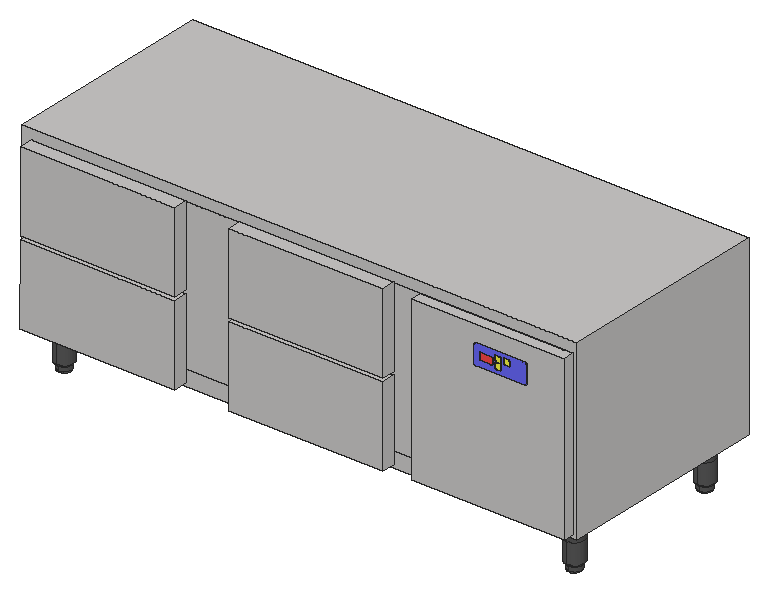
Revit family "QF_CAPIC_AVEN_W543116", category Equipement spécialisé, Revit 2018
Family settings
  Cote de connecteur circulaire = Utiliser le diamètre
  Type d'élément = Normal
  Numéro OmniClass = 23.40.40.14
  Titre OmniClass = Food Service Equipment
  Basée sur le plan de construction = Non
  Toujours verticalement = Oui
  Couper avec des vides une fois chargée = Non
  Partagée = Non
  Point de calcul de pièce = Non
Parameters (values of type "1600 mm")
  URL catalogue = "http://www.capic-fr.com/fr/"
  Type de Raccord Plomberie [instance] = ""
  Type de Raccord Electrique [instance] = "Bornier interne"
  Type de Gaz = ""
  Type article [instance] = ""
  Tension = 230 V
  Spécification du Fabricant = ""
  Show Logo = yes
  Remarques evacuation [instance] = ""
  Remarques Plomberie [instance] = ""
  Remarques Electricité [instance] = "230Vx1 +T"
  Puissance électrique  = 740 W
  Puissance Gaz kW = 0
  Profondeur hors tout = 648 mm
  Pression Maximum Eau Adoucie = 0.0 Pa
  Poids net à vide = 126.00 kg
  Phase = 0
  Modèle = "W543116"
  Longueur hors tout = 1600 mm
  Intensité nominale = 0 A
  Hauteur hors tout = 638 mm
  Hauteur de Raccordement du Sol Finis = 0 mm
  Hauteur de Raccordement Gaz du Sol Finis = 0 mm
  Hauteur de Raccordement Evacuation Directe du Sol Finis = 0 mm
  Hauteur de Raccordement Eau Froide du Sol Finis = 0 mm
  Hauteur de Raccordement Eau Chaude du Sol Finis = 0 mm
  Hauteur de Raccordement Eau Adoucie du Sol Finis = 0 mm
  Fréquence = 50 Hz
  Fabricant = "CAPIC"
  Débit d'air d'extraction = 0.0 m³/h
  Débit Gaz = 0.0 L/s
  Débit Eau Froide = 0.0 L/s
  Débit Eau Chaude = 0.0 L/s
  Débit Eau Adoucie = 0.0 L/s
  Diamètre de Raccordement Gaz = 0 mm
  Diamètre de Raccordement Evacuation = 0 mm
  Diamètre de Raccordement Eau Froide = 0 mm
  Diamètre de Raccordement Eau Chaude = 0 mm
  Diamètre de Raccordement Eau Adoucie = 0 mm
  Description = "4 tiroirs refrigérés"
  Assembly Code = ""
  Classification  Omniclass nombre et titre = "23.40.40.14"
Reference planes
  plane 1 "Centre (avant/arrière)": y = 0
  plane 2: z = 0
  plane 3 "Centre (gauche/droite)": x = 0
  plane 4: x = 1600
  plane 5: y = -662
  plane 6: y = -45
  plane 7: x = 25
  plane 8: x = 1575
  plane 9: y = -69
  plane 10: y = -539
  plane 11: x = 35
  plane 12: x = 1565
Forms (mm)
  Extrusion 1, solid, material "QF_Stainless Steel-Brushed"
    sketch origin (0, 0, 0) x (1, 0, 0) y (0, 1, 0)
      loop
        line (0, -45) -> (0, -662) -> (1600, -662) -> (1600, -45) -> (0, -45)
    from 130 to 638
  Extrusion 2, void
    sketch origin (0, 0, 0) x (1, 0, 0) y (0, 1, 0)
      loop
        line (35, -69) -> (35, -662) -> (1565, -662) -> (1565, -69) -> (35, -69)
    from 175 to 608
  Extrusion 3, solid, material "QF_Stainless Steel-Brushed", not visible
    sketch origin (0, 0, 0) x (1, 0, 0) y (0, 1, 0)
      loop
        line (35, -69) -> (35, -662) -> (1565, -662) -> (1565, -69) -> (35, -69)
    from 370 to 400
  Extrusion 4, solid, material "QF_Stainless Steel-Brushed"
    sketch origin (1480, -663, 0) x (1, 0, 0) y (0, 0, 1)
      loop
        line (-1445, 608) -> (-1445, 175) -> (85, 175) -> (85, 608) -> (-1445, 608)
    from 0 to -1
  Extrusion 5, solid, material "QF_Stainless Steel-Brushed"
    sketch origin (1480, -663, 0) x (1, 0, 0) y (0, 0, 1)
      loop
        line (-330, 607.544) -> (-330, 139.544) -> (110, 139.544) -> (110, 607.544) -> (-330, 607.544)
    from 0 to 30
  Extrusion 6, solid, material "QF_Stainless Steel-Brushed"
    sketch origin (1415.16, -663, 39.444) x (1, 0, 0) y (0, 0, 1)
      loop
        line (-1385.66, 570.1) -> (-1385.66, 340.1) -> (-940.66, 340.1) -> (-940.66, 570.1) -> (-1385.66, 570.1)
    from 0 to 40
  Extrusion 7, solid, material "QF_Stainless Steel-Brushed"
    sketch origin (1415.16, -663, -200.556) x (1, 0, 0) y (0, 0, 1)
      loop
        line (-1385.66, 570.1) -> (-1385.66, 340.1) -> (-940.66, 340.1) -> (-940.66, 570.1) -> (-1385.66, 570.1)
    from 0 to 40
  Extrusion 8, solid, material "QF_Stainless Steel-Brushed"
    sketch origin (2015.16, -663, 39.444) x (1, 0, 0) y (0, 0, 1)
      loop
        line (-1385.66, 570.1) -> (-1385.66, 340.1) -> (-940.66, 340.1) -> (-940.66, 570.1) -> (-1385.66, 570.1)
    from 0 to 40
  Extrusion 9, solid, material "QF_Stainless Steel-Brushed"
    sketch origin (2015.16, -663, -200.556) x (1, 0, 0) y (0, 0, 1)
      loop
        line (-1385.66, 570.1) -> (-1385.66, 340.1) -> (-940.66, 340.1) -> (-940.66, 570.1) -> (-1385.66, 570.1)
    from 0 to 40
Cuts and joins
  Extrusion 2 cuts Extrusion 1
Lines and regions (mm)
  model lines
    curve 1: line (197, -703, 589.544) -> (307, -703, 589.544)
    curve 2: line (197, -703, 534.544) -> (197, -703, 589.544)
    curve 3: line (307, -703, 534.544) -> (197, -703, 534.544)
    curve 4: line (307, -703, 589.544) -> (307, -703, 534.544)
    curve 5: line (300, -703, 582.544) -> (204, -703, 582.544)
    curve 6: line (204, -703, 582.544) -> (204, -703, 541.544)
    curve 7: line (300, -703, 541.544) -> (300, -703, 582.544)
    curve 8: line (204, -703, 541.544) -> (300, -703, 541.544)
    curve 9: line (197, -703, 349.544) -> (307, -703, 349.544)
    curve 10: line (197, -703, 294.544) -> (197, -703, 349.544)
    curve 11: line (307, -703, 294.544) -> (197, -703, 294.544)
    curve 12: line (307, -703, 349.544) -> (307, -703, 294.544)
    curve 13: line (300, -703, 342.544) -> (204, -703, 342.544)
    curve 14: line (204, -703, 342.544) -> (204, -703, 301.544)
    curve 15: line (300, -703, 301.544) -> (300, -703, 342.544)
    curve 16: line (204, -703, 301.544) -> (300, -703, 301.544)
    curve 17: line (1170, -693, 380.856) -> (1570, -693, 380.856)
    curve 18: line (1170, -693, 159.544) -> (1170, -693, 380.856)
    curve 19: line (1570, -693, 159.544) -> (1170, -693, 159.544)
    curve 20: line (1570, -693, 380.856) -> (1570, -693, 159.544)
    curve 21: line (1170, -693, 365.856) -> (1570, -693, 365.856)
    curve 22: line (1170, -693, 350.856) -> (1570, -693, 350.856)
    curve 23: line (1170, -693, 335.856) -> (1570, -693, 335.856)
    curve 24: line (1170, -693, 320.856) -> (1570, -693, 320.856)
    curve 25: line (1170, -693, 305.856) -> (1570, -693, 305.856)
    curve 26: line (1170, -693, 290.856) -> (1570, -693, 290.856)
    curve 27: line (1170, -693, 275.856) -> (1570, -693, 275.856)
    curve 28: line (1170, -693, 260.856) -> (1570, -693, 260.856)
    curve 29: line (1170, -693, 245.856) -> (1570, -693, 245.856)
    curve 30: line (1170, -693, 230.856) -> (1570, -693, 230.856)
    curve 31: line (1170, -693, 215.856) -> (1570, -693, 215.856)
    curve 32: line (1170, -693, 200.856) -> (1570, -693, 200.856)
    curve 33: line (1170, -693, 185.856) -> (1570, -693, 185.856)
    curve 34: line (1170, -693, 170.856) -> (1570, -693, 170.856)
    curve 35: line (797, -703, 589.544) -> (907, -703, 589.544)
    curve 36: line (797, -703, 534.544) -> (797, -703, 589.544)
    curve 37: line (907, -703, 534.544) -> (797, -703, 534.544)
    curve 38: line (907, -703, 589.544) -> (907, -703, 534.544)
    curve 39: line (900, -703, 582.544) -> (804, -703, 582.544)
    curve 40: line (804, -703, 582.544) -> (804, -703, 541.544)
    curve 41: line (900, -703, 541.544) -> (900, -703, 582.544)
    curve 42: line (804, -703, 541.544) -> (900, -703, 541.544)
    curve 43: line (797, -703, 349.544) -> (907, -703, 349.544)
    curve 44: line (797, -703, 294.544) -> (797, -703, 349.544)
    curve 45: line (907, -703, 294.544) -> (797, -703, 294.544)
    curve 46: line (907, -703, 349.544) -> (907, -703, 294.544)
    curve 47: line (900, -703, 342.544) -> (804, -703, 342.544)
    curve 48: line (804, -703, 342.544) -> (804, -703, 301.544)
    curve 49: line (900, -703, 301.544) -> (900, -703, 342.544)
    curve 50: line (804, -703, 301.544) -> (900, -703, 301.544)
Dimensions and locks
  "Longueur hors tout": plane 3 "Centre (gauche/droite)" to plane 4
  plane 5 to plane 6 to plane 1 "Centre (avant/arrière)" = 617 mm locked, 45 mm locked
  plane 6 to plane 9 to plane 10 = 24 mm locked, 470 mm locked
  locked: plane 3 "Centre (gauche/droite)" to plane 7 at 25
  locked: plane 8 to plane 4 at 25
  locked: plane 3 "Centre (gauche/droite)" to plane 11 at 35
  locked: plane 12 to plane 4 at 35
  aligned and locked: level to plane 2
  aligned and locked: plane 9 to nested 1
  aligned and locked: nested 1 to plane 7
  aligned and locked: plane 10 to nested 2
  aligned and locked: nested 2 to plane 7
  aligned and locked: plane 8 to nested 3
  aligned and locked: nested 3 to plane 9
  aligned and locked: plane 8 to nested 4
  aligned and locked: nested 4 to plane 10
  aligned and locked: Extrusion 2 sketch curve to plane 9
  aligned and locked: plane 11 to Extrusion 2 sketch curve
  aligned and locked: plane 5 to Extrusion 2 sketch curve
  aligned and locked: Extrusion 2 sketch curve to plane 12
Automatic sketch dimensions
  Extrusion 1 sketch curve to plane 3 "Centre (gauche/droite)" = 0 mm
  Extrusion 1 sketch curve to plane 4 = 0 mm
  Extrusion 1 sketch curve to plane 5 = 0 mm
  Extrusion 1 sketch curve to plane 6 = 0 mm
  Extrusion 3 sketch curve to plane 5 = 0 mm
  Extrusion 3 sketch curve to plane 11 = 0 mm
  Extrusion 3 sketch curve to plane 12 = 0 mm
  Extrusion 3 sketch curve to plane 9 = 0 mm
  Extrusion 4 sketch curve to plane 11 = 0 mm
  Extrusion 4 sketch curve to plane 12 = 0 mm
  level to Extrusion 4 sketch curve = 175 mm
  Extrusion 4 sketch curve to Extrusion 4 sketch curve = 433 mm
  Extrusion 4 to Extrusion 5 sketch curve = 35.456 mm
  Extrusion 5 sketch curve to Extrusion 4 = 415 mm
  Extrusion 4 to Extrusion 5 sketch curve = 25 mm
  Extrusion 5 sketch curve to Extrusion 4 = 0.456 mm
  plane 7 to Extrusion 6 sketch curve = 4.5 mm
  plane 11 to Extrusion 6 sketch curve = 439.5 mm
  level to Extrusion 6 sketch curve = 379.544 mm
  Extrusion 6 sketch curve to Extrusion 6 sketch curve = 230 mm
  curve 1 to Extrusion 6 = 20 mm
  curve 1 to Extrusion 6 = 167.5 mm
  curve 2 to curve 8 = 7 mm
  curve 5 to Extrusion 6 = 27 mm
  curve 5 to curve 5 = 96 mm
  curve 7 to curve 3 = 7 mm
  curve 6 to curve 5 = 41 mm
  curve 3 to curve 6 = 7 mm
  plane 7 to Extrusion 7 sketch curve = 4.5 mm
  level to Extrusion 7 sketch curve = 139.544 mm
  plane 11 to Extrusion 7 sketch curve = 439.5 mm
  Extrusion 7 sketch curve to Extrusion 7 sketch curve = 230 mm
  curve 9 to Extrusion 7 = 20 mm
  curve 9 to Extrusion 7 = 167.5 mm
  curve 10 to curve 16 = 7 mm
  curve 13 to Extrusion 7 = 27 mm
  curve 13 to curve 13 = 96 mm
  curve 15 to curve 11 = 7 mm
  curve 14 to curve 13 = 41 mm
  curve 11 to curve 14 = 7 mm
  curve 17 to Extrusion 5 = 20 mm
  curve 20 to Extrusion 5 = 20 mm
  curve 19 to Extrusion 5 = 20 mm
  curve 18 to curve 18 = 221.312 mm
  curve 18 to curve 34 = 11.312 mm
  curve 34 to curve 33 = 15 mm
  curve 33 to curve 32 = 15 mm
  curve 32 to curve 31 = 15 mm
  curve 31 to curve 30 = 15 mm
  curve 30 to curve 29 = 15 mm
  curve 29 to curve 28 = 15 mm
  curve 28 to curve 27 = 15 mm
  curve 27 to curve 26 = 15 mm
  curve 26 to curve 25 = 15 mm
  curve 25 to curve 24 = 15 mm
  curve 24 to curve 23 = 15 mm
  curve 23 to curve 22 = 15 mm
  curve 21 to curve 17 = 15 mm
  plane 11 to Extrusion 8 sketch curve = 594.5 mm
  Extrusion 8 sketch curve to Extrusion 8 sketch curve = 445 mm
  level to Extrusion 8 sketch curve = 379.544 mm
  Extrusion 8 sketch curve to Extrusion 8 sketch curve = 230 mm
  curve 35 to Extrusion 8 = 20 mm
  curve 35 to Extrusion 8 = 167.5 mm
  curve 36 to curve 42 = 7 mm
  curve 39 to Extrusion 8 = 27 mm
  curve 39 to curve 39 = 96 mm
  curve 41 to curve 37 = 7 mm
  curve 40 to curve 39 = 41 mm
  curve 37 to curve 40 = 7 mm
  level to Extrusion 9 sketch curve = 139.544 mm
  plane 11 to Extrusion 9 sketch curve = 594.5 mm
  Extrusion 9 sketch curve to Extrusion 9 sketch curve = 445 mm
  Extrusion 9 sketch curve to Extrusion 9 sketch curve = 230 mm
  curve 43 to Extrusion 9 = 20 mm
  curve 43 to Extrusion 9 = 167.5 mm
  curve 44 to curve 50 = 7 mm
  curve 47 to Extrusion 9 = 27 mm
  curve 47 to curve 47 = 96 mm
  curve 49 to curve 45 = 7 mm
  curve 48 to curve 47 = 41 mm
  curve 45 to curve 48 = 7 mm
Nested families
  nested 1: "QF_Details_Pied" at (13.5, -119, 0) x (0, -1, 0) z (0, 0, 1), type "QF_Details_Pied"
  nested 2: "QF_Details_Pied" at (13.5, -589, 0) x (0, -1, 0) z (0, 0, 1), type "QF_Details_Pied"
  nested 3: "QF_Details_Pied" at (1483.5, -119, 0) x (0, -1, 0) z (0, 0, 1), type "QF_Details_Pied"
  nested 4: "QF_Details_Pied" at (1483.5, -589, 0) x (0, -1, 0) z (0, 0, 1), type "QF_Details_Pied"
  nested 5: "QF_Details_CarteCde-Face" at (1405, -693, 528) x (1, 0, 0) z (0, -1, 0), type "QF_Details_CarteCde-Face"
Definition of nested family "QF_Details_Pied"
  Reference planes
    plane 1 "Centre (avant/arrière)": y = 0
    plane 2: z = 0
    plane 3 "Centre (gauche/droite)": x = 0
  Forms (mm)
    Extrusion 1, solid
      sketch origin (-137.492, 51.5, -340.756) x (1, 0, 0) y (0, 0, 1)
        loop
          line (87.492, 481.756) -> (87.492, 472.756) -> (187.492, 472.756) -> (187.492, 481.756) -> (87.492, 481.756)
      from -40 to 40
    Revolve 2, solid
      sketch origin (0, 51.5, -9) x (1, 0, 0) y (0, 0, 1)
        loop
          line (0, 141) -> (0, 9) -> (19.21, 9) -> (19.21, 13) -> (20.21, 13) -> (20.21, 26) -> (21.71, 26) -> (26.66, 30.95) -> (26.66, 90.95) -> (31.468, 136.698) -> (36.246, 141) -> (0, 141)
        axis (0, 141) -> (0, 9)
      angle from 0 to 360
  Dimensions and locks
    aligned and locked: level to plane 2
    aligned and locked: Extrusion 1 to Revolve 2 sketch curve
Definition of nested family "QF_Details_CarteCde-Face"
  Parameters (values of type "QF_Details_CarteCde-Face")
    Default Elevation = 1219.2 mm
  Reference planes
    plane 1 "Centre (avant/arrière)": y = 0
    plane 2: z = 0
    plane 3 "Centre (gauche/droite)": x = 0
  Forms (mm)
    Extrusion 1, solid
      sketch origin (0, 0, 0) x (1, 0, 0) y (0, 1, 0)
        loop
          line (-1219.2, 1219.2) -> (-1219.2, -1219.2) -> (1219.2, -1219.2) -> (1219.2, 1219.2) -> (-1219.2, 1219.2)
      from 0 to -304.8
    Extrusion 2, solid
      sketch origin (-76, -757.888, 0) x (1, 0, 0) y (0, 1, 0)
        loop
          arc (7, 787.388) -> (2.05, 785.338) -> (0, 780.388) r 7
          line (0, 780.388) -> (0, 735.388)
          arc (0, 735.388) -> (2.05, 730.439) -> (7, 728.388) r 7
          line (7, 728.388) -> (145, 728.388)
          arc (145, 728.388) -> (149.95, 730.439) -> (152, 735.388) r 7
          line (152, 735.388) -> (152, 780.388)
          arc (152, 780.388) -> (149.95, 785.338) -> (145, 787.388) r 7
          line (145, 787.388) -> (7, 787.388)
        loop
          line (15, 767.388) -> (15, 748.388) -> (54, 748.388) -> (54, 767.388) -> (15, 767.388)
        loop
          line (74, 776.917) -> (61, 776.917) -> (61, 763.917)
          arc (61, 763.917) -> (62.172, 761.089) -> (65, 759.917) r 4
          line (65, 759.917) -> (78, 759.917) -> (78, 772.917)
          arc (78, 772.917) -> (76.828, 775.745) -> (74, 776.917) r 4
        loop
          line (99, 776.917) -> (86, 776.917) -> (86, 763.917)
          arc (86, 763.917) -> (87.172, 761.089) -> (90, 759.917) r 4
          line (90, 759.917) -> (103, 759.917) -> (103, 772.917)
          arc (103, 772.917) -> (101.828, 775.745) -> (99, 776.917) r 4
        loop
          line (74, 756.917) -> (61, 756.917) -> (61, 743.917)
          arc (61, 743.917) -> (62.172, 741.089) -> (65, 739.917) r 4
          line (65, 739.917) -> (78, 739.917) -> (78, 752.917)
          arc (78, 752.917) -> (76.828, 755.745) -> (74, 756.917) r 4
      from 0 to 0.5
    Extrusion 3, solid
      sketch origin (-76, -744.891, 0) x (1, 0, 0) y (0, 1, 0)
        loop
          line (15, 754.391) -> (15, 735.391) -> (54, 735.391) -> (54, 754.391) -> (15, 754.391)
      from 0 to 0.5
    Extrusion 4, solid
      sketch origin (-76, -744.891, 0) x (1, 0, 0) y (0, 1, 0)
        loop
          line (61, 763.919) -> (61, 750.919)
          arc (61, 750.919) -> (62.172, 748.091) -> (65, 746.919) r 4
          line (65, 746.919) -> (78, 746.919) -> (78, 759.919)
          arc (78, 759.919) -> (76.828, 762.748) -> (74, 763.919) r 4
          line (74, 763.919) -> (61, 763.919)
      from 0 to 0.5
    Extrusion 5, solid
      sketch origin (-76, -764.891, 0) x (1, 0, 0) y (0, 1, 0)
        loop
          line (61, 763.919) -> (61, 750.919)
          arc (61, 750.919) -> (62.172, 748.091) -> (65, 746.919) r 4
          line (65, 746.919) -> (78, 746.919) -> (78, 759.919)
          arc (78, 759.919) -> (76.828, 762.748) -> (74, 763.919) r 4
          line (74, 763.919) -> (61, 763.919)
      from 0 to 0.5
    Extrusion 6, solid
      sketch origin (-51, -744.891, 0) x (1, 0, 0) y (0, 1, 0)
        loop
          line (61, 763.919) -> (61, 750.919)
          arc (61, 750.919) -> (62.172, 748.091) -> (65, 746.919) r 4
          line (65, 746.919) -> (78, 746.919) -> (78, 759.919)
          arc (78, 759.919) -> (76.828, 762.748) -> (74, 763.919) r 4
          line (74, 763.919) -> (61, 763.919)
      from 0 to 0.5
  Dimensions and locks
    aligned and locked: plane 2 to Extrusion 1
    aligned and locked: level to Extrusion 1
